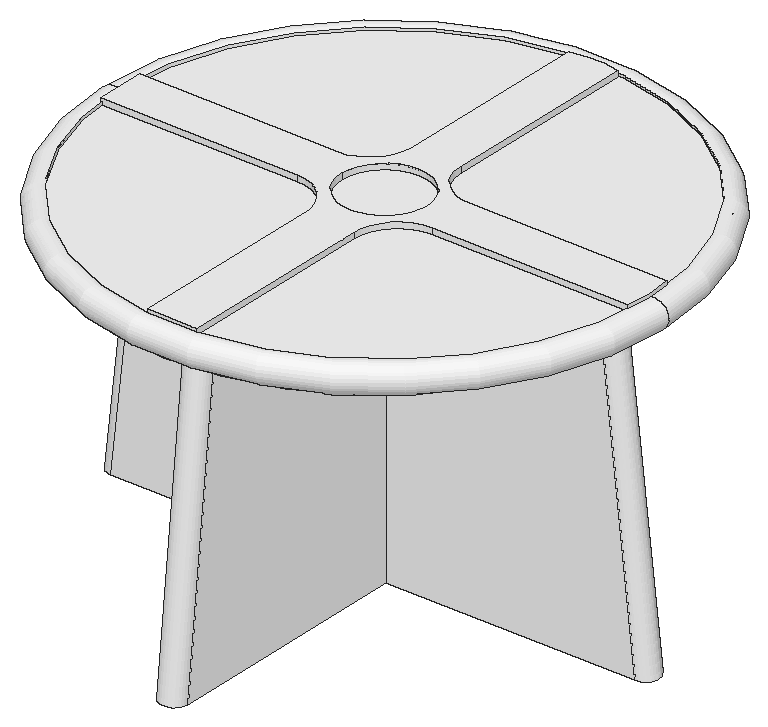
Revit family "NBS_PineappleContracts_OffcTbls_RynoDiningTable", category Furniture, Revit 2017
Family settings
  Work Plane-Based = No
  Always vertical = Yes
  Cut with Voids When Loaded = No
  Shared = No
  Room Calculation Point = No
Parameters (values of type "NBS_PineappleContracts_OfficeTables_RynoDiningTable")
  WorksurfaceArea = 0.00 m²
  Weight = "90 kg"
  WarrantyStartDate [instance] = "1900-12-31T23:59:59"
  WarrantyGuarantorParts = "n/a"
  WarrantyGuarantorLabor = "n/a"
  WarrantyDurationUnit = "year"
  WarrantyDurationParts = "7"
  WarrantyDurationLabor = "n/a"
  WarrantyDescription = "Guarantee against manufacturing faults"
  WallThickness = 0 mm
  Version = "6"  # constant formula
  Uniclass2015Version = "Products v1.13"
  Uniclass2015Title = "Office tables"
  Uniclass2015Code = "Pr_40_50_21_60"
  TopLegWidth = (NominalWidth / 2) - 139 mm  # 478.5 mm
  TagNumber [instance] = "n/a"
  TableTop = "Moulded laminate with divided areas"
  TableMaterial = NBS_Concept
  SustainabilityPerformance = "n/a"
  StrengthAndStability = "Level 3"
  Size = "1235 x 1235 x 750 mm"
  Shape = "Circular"
  SerialNumber [instance] = "n/a"
  Revision = "n/a"
  ReplacementCost = "n/a"
  ProductInformation = "www.pineapplecontracts.com/userfiles/file/RYNO-brochure.pdf"
  NumberOfChairs = 4
  NominalWidth = 1235 mm
  NominalLength = NominalWidth  # 1235 mm
  NominalHeight = 760 mm
  NominalDepth = 0 mm
  Name = "OfficeTables_RynoDiningTable_PineappleContracts"
  NBSReference = "45-35-20/340"
  NBSDescription = "Office tables"
  NBSCertification = "www.nationalbimlibrary.com/cert/g0nre2pm"
  ModelReference = "Ryno Dining Table"
  ModelNumber = "ARYT-002"
  Material = "Polyethylene"
  ManufacturerURL = "www.pineapplecontracts.com"
  ManufacturerName = "Pineapple Contracts"  # constant formula
  Manufacturer = "www.pineapplecontracts.com"
  MainColor = "n/a"
  IsBuiltIn = no
  IntegralAccessories = "n/a"
  InstallationDate [instance] = "1900-12-31T23:59:59"
  IfcExportType = "TABLE"  # constant formula
  IfcExportAs = "IfcFurnishingElementType"  # constant formula
  Grade = "n/a"
  Functions = "Dining room"
  FrameSupports = "Cruciform base design"
  FrameSize = "n/a"
  FrameColour = "n/a"
  Finish = "Anti-microbial, wipe-clean surface with excellent chemical resistance"
  Feet = "Stainless steel glides"
  Features = "n/a"
  ExposedEdges = "Rounded, grey polyethylene edging"
  ExpectedLife = "n/a"
  EnvironmentalProductDeclaration = "n/a"
  DurationUnit = "year"
  Description = "Polyethylene activity table"
  Constituents = "n/a"
  ColourOptions = "blaze orange, vegas yellow, icon purple, epic blue, moonwalk grey, thunder grey, cool green, lime green, black, granite"
  CodePerformance = "n/a"
  Category = "Pr_40_50_21_60:Office tables"
  BottomLeg Width = (NominalWidth / 2) - 60 mm  # 557.5 mm
  BarCode [instance] = "n/a"
  BIMObjectName = "NBS_PineappleContracts_OfficeTables_RynoDiningTable"
  Author = "NBS"  # constant formula
  AssetType = "Movable"
  AssetIdentifier [instance] = "n/a"
  AccessibilityPerformance = "n/a"
Types (3, lengths in mm): name | TableTop | Name | ModelReference | ModelNumber | BIMObjectName
  (no name) | "Flat laminate" | "OfficeTables_RynoActivityTable_PineappleContracts" | "Ryno Activity Table" | "ARYT-202" | "NBS_PineappleContracts_OfficeTables_RynoActivityTable"
  NBS_PineappleContracts_OfficeTables_RynoActivityTable | "Flat laminate" | "OfficeTables_RynoActivityTable_PineappleContracts" | "Ryno Activity Table" | "ARYT-202" | "NBS_PineappleContracts_OfficeTables_RynoActivityTable"
  NBS_PineappleContracts_OfficeTables_RynoDiningTable | "Moulded laminate with divided areas" | "OfficeTables_RynoDiningTable_PineappleContracts" | "Ryno Dining Table" | "ARYT-002" | "NBS_PineappleContracts_OfficeTables_RynoDiningTable"
Reference planes
  plane 1 "Center (Front/Back)": y = 0
  plane 2: z = 0
  plane 3 "Center (Left/Right)": x = 0
  plane 4: z = 760
  plane 5: z = 700
  plane 6: x = -617.5
  plane 7: x = 617.5
  plane 8: y = -617.5
  plane 9: y = 617.5
Forms (mm)
  Extrusion 1, solid, material "NBS_Concept" <- "TableMaterial"
    sketch origin (0, 0, 0) x (1, 0, 0) y (0, 1, 0)
      loop
        circle (0, 0) r 617.5
    from 700 to 754.73
  Blend 2, solid, material "NBS_Concept" <- "TableMaterial"
    base sketch origin (0, 0, 0) x (1, 0, 0) y (0, 1, 0)
      loop
        line (-30, 587.5) -> (-30, 30) -> (30, 30) -> (30, 587.5)
        arc (30, 587.5) -> (0, 617.5) -> (-30, 587.5) r 30
    top sketch origin (0, 0, 0) x (1, 0, 0) y (0, 1, 0)
      loop
        line (30, 30) -> (30, 508.5)
        arc (30, 508.5) -> (0, 538.5) -> (-30, 508.5) r 30
        line (-30, 508.5) -> (-30, 30) -> (30, 30)
    from 0 to 700
  Blend 3, solid, material "NBS_Concept" <- "TableMaterial"
    base sketch origin (0, 0, 0) x (1, 0, 0) y (0, 1, 0)
      loop
        line (-587.5, -30) -> (-30, -30) -> (-30, 30) -> (-587.5, 30)
        arc (-587.5, 30) -> (-617.5, 0) -> (-587.5, -30) r 30
    top sketch origin (0, 0, 0) x (1, 0, 0) y (0, 1, 0)
      loop
        arc (-508.5, 30) -> (-538.5, 0) -> (-508.5, -30) r 30
        line (-508.5, -30) -> (-30, -30) -> (-30, 30) -> (-508.5, 30)
    from 0 to 700
  Blend 4, solid, material "NBS_Concept" <- "TableMaterial"
    base sketch origin (0, 0, 0) x (-1, 0, 0) y (0, -1, 0)
      loop
        arc (-587.5, 30) -> (-617.5, 0) -> (-587.5, -30) r 30
        line (-587.5, -30) -> (-30, -30) -> (-30, 30) -> (-587.5, 30)
    top sketch origin (0, 0, 0) x (-1, 0, 0) y (0, -1, 0)
      loop
        line (-508.5, -30) -> (-30, -30) -> (-30, 30) -> (-508.5, 30)
        arc (-508.5, 30) -> (-538.5, 0) -> (-508.5, -30) r 30
    from 0 to 700
  Blend 5, solid, material "NBS_Concept" <- "TableMaterial"
    base sketch origin (0, 0, 0) x (0, 1, 0) y (-1, 0, 0)
      loop
        arc (-587.5, 30) -> (-617.5, 0) -> (-587.5, -30) r 30
        line (-587.5, -30) -> (-30, -30) -> (-30, 30) -> (-587.5, 30)
    top sketch origin (0, 0, 0) x (0, 1, 0) y (-1, 0, 0)
      loop
        line (-508.5, -30) -> (-30, -30) -> (-30, 30) -> (-508.5, 30)
        arc (-508.5, 30) -> (-538.5, 0) -> (-508.5, -30) r 30
    from 0 to 700
  Revolve 6, solid, material "NBS_Concept" <- "TableMaterial"
    sketch origin (1.749, 0, 0.79) x (1, 0, 0) y (0, 0, 1)
      loop
        line (595, 759.526) -> (595, 700.474)
        arc (595, 700.474) -> (638.702, 730) -> (595, 759.526) r 31.825
      axis (0, 759.526) -> (0, 700.474)
    angle from 0 to 360
  Extrusion 7, solid, material "NBS_Concept" <- "TableMaterial"
    sketch origin (0, 0, 0) x (1, 0, 0) y (0, 1, 0)
      loop
        line (-55, 587.5) -> (-55, 147.5)
        arc (-55, 147.5) -> (-82.093, 82.093) -> (-147.5, 55) r 92.5
        line (-147.5, 55) -> (-590.704, 55)
        arc (-590.704, 55) -> (-593.251, 0) -> (-590.704, -55) r 595
        line (-590.704, -55) -> (-150.704, -55)
        arc (-150.704, -55) -> (-83.031, -83.031) -> (-55, -150.704) r 95.704
        line (-55, -150.704) -> (-55, -592.612)
        arc (-55, -592.612) -> (0, -595.002) -> (55, -592.612) r 634
        line (55, -592.612) -> (55, -152.612)
        arc (55, -152.612) -> (83.59, -83.59) -> (152.612, -55) r 97.612
        line (152.612, -55) -> (592.612, -55)
        arc (592.612, -55) -> (597.338, 0) -> (592.612, 55) r 322.401
        line (592.612, 55) -> (147.5, 55)
        arc (147.5, 55) -> (82.093, 82.093) -> (55, 147.5) r 92.5
        line (55, 147.5) -> (55, 587.5)
        arc (55, 587.5) -> (0, 595.007) -> (-55, 587.5) r 205.22
      loop
        circle (1.749, 0) r 95
    from 700 to 766.797
Dimensions and locks
  locked: plane 4 to plane 5 at 60
  "NominalHeight": plane 4 to level
  equal spacing: plane 6, plane 3 "Center (Left/Right)", plane 7
  equal spacing: plane 9, plane 1 "Center (Front/Back)", plane 8
  "NominalLength": plane 6 to plane 7
  "NominalWidth": plane 9 to plane 8
  locked: plane 1 "Center (Front/Back)" to Blend 2 sketch curve at 30  (x2)
  "BottomLeg Width": Blend 2 sketch curve to Blend 2 sketch curve
  Blend 2 sketch curve to plane 3 "Center (Left/Right)" to Blend 2 sketch curve = 30 mm locked, 30 mm locked  (x2)
  "TopLegWidth": Blend 2 sketch curve to Blend 2 sketch curve
  "NominalWidth": diameter of Extrusion 1 sketch curve
  radius of Blend 2 sketch curve = 30 mm
  aligned and locked: level to plane 2
  aligned and locked: Extrusion 1 to plane 5
  aligned and locked: plane 5 to Blend 4
  aligned and locked: plane 5 to Blend 3
  aligned and locked: plane 5 to Blend 5
  aligned and locked: Extrusion 1 to Extrusion 7
Automatic sketch dimensions
  plane 1 "Center (Front/Back)" to Extrusion 1 sketch curve = 0 mm
  Extrusion 1 sketch curve to plane 3 "Center (Left/Right)" = 0 mm
  plane 1 "Center (Front/Back)" to Blend 3 sketch curve = 0 mm  (x2)
  Blend 3 sketch curve to plane 6 = 30 mm
  Blend 3 sketch curve to plane 3 "Center (Left/Right)" = 30 mm  (x2)
  plane 1 "Center (Front/Back)" to Blend 3 sketch curve = 30 mm  (x2)
  Blend 3 sketch curve to plane 6 = 109 mm
  plane 1 "Center (Front/Back)" to Blend 4 sketch curve = 0 mm  (x2)
  plane 7 to Blend 4 sketch curve = 30 mm
  Blend 4 sketch curve to plane 3 "Center (Left/Right)" = 30 mm  (x2)
  Blend 4 sketch curve to plane 1 "Center (Front/Back)" = 30 mm  (x2)
  plane 7 to Blend 4 sketch curve = 109 mm
  Blend 5 sketch curve to plane 3 "Center (Left/Right)" = 0 mm  (x2)
  Blend 5 sketch curve to plane 8 = 30 mm
  Blend 5 sketch curve to plane 1 "Center (Front/Back)" = 30 mm  (x2)
  plane 3 "Center (Left/Right)" to Blend 5 sketch curve = 30 mm  (x2)
  Blend 5 sketch curve to plane 8 = 109 mm
  plane 3 "Center (Left/Right)" to Revolve 6 sketch curve = 1.749 mm
  plane 5 to Revolve 6 sketch curve = 1.263 mm
  plane 4 to Revolve 6 sketch curve = 0.316 mm
  Revolve 6 sketch curve to plane 7 = 8.875 mm
  Revolve 6 sketch curve to plane 7 = 20.751 mm
  Revolve 6 sketch curve to plane 5 = 339.21 mm
  plane 4 to Revolve 6 sketch curve = 140.79 mm
  Extrusion 7 sketch curve to Extrusion 7 sketch curve = 0 mm  (x2)
  Extrusion 7 sketch curve to plane 3 "Center (Left/Right)" = 0 mm  (x2)
  plane 1 "Center (Front/Back)" to Extrusion 7 sketch curve = 0 mm  (x2)
  plane 8 to Extrusion 7 sketch curve = 24.888 mm
  Extrusion 7 sketch curve to plane 3 "Center (Left/Right)" = 55 mm  (x2)
  Extrusion 7 sketch curve to Extrusion 7 sketch curve = 92.5 mm  (x2)
  plane 1 "Center (Front/Back)" to Extrusion 7 sketch curve = 55 mm
  Extrusion 7 sketch curve to Extrusion 7 sketch curve = 3.204 mm
  Extrusion 7 sketch curve to plane 6 = 26.796 mm  (x2)
  plane 3 "Center (Left/Right)" to Extrusion 7 sketch curve = 1.749 mm
  plane 3 "Center (Left/Right)" to Extrusion 7 sketch curve = 55 mm  (x2)
  Extrusion 7 sketch curve to plane 9 = 30 mm
  Extrusion 7 sketch curve to Extrusion 7 sketch curve = 97.612 mm
  Extrusion 7 sketch curve to Extrusion 7 sketch curve = 122.325 mm
  Extrusion 7 sketch curve to plane 7 = 24.888 mm  (x2)
  plane 1 "Center (Front/Back)" to Extrusion 7 sketch curve = 152.612 mm
  Extrusion 7 sketch curve to plane 1 "Center (Front/Back)" = 38.998 mm
  Extrusion 7 sketch curve to Extrusion 7 sketch curve = 197.713 mm
  radius of Extrusion 7 sketch curve = 95 mm
